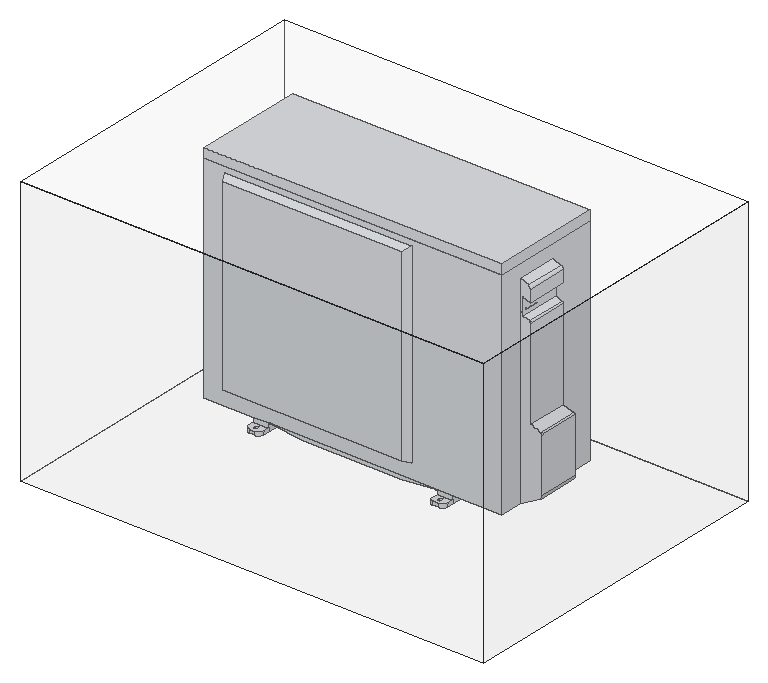
Revit family "puz-zrmp28_63ska13_50hz", category 機械設備, Revit 2019
Family settings
  丸型コネクタ寸法 = 直径を使用
  パーツ タイプ = 標準
  OmniClass 番号 = 23.75.10.24.21.27.27
  OmniClass タイトル = Split System Air Conditioning Units
  作業面ベース = いいえ
  常に垂直 = はい
  ロード時にボイドで切り取り = いいえ
  共有 = いいえ
  部屋計算ポイント = いいえ
Parameters (values of type "室外機_PUZ-ZRMP28KA13 (-BS,BSG)")
  音響パワーレベル（冷）(dB) = 64
  音響パワーレベル(dB) = 66
  電源種別 = ""
  電源位置Y = 61 mm
  電源位置Z = 497.7 mm
  電源位置X = 400 mm
  電圧 = 200 V
  電動機出力_送風機 = 0.04 kW
  電動機出力_圧縮機 = 0.5 kW
  集中コントローラ [instance] = ""
  運転質量 = 0.00 kg
  運転方法 = "冷暖切替"
  質量 = if(製品質量 > 運転質量, 製品質量, 運転質量) * 1.2  # 43.20 kg
  負荷分類 = 1_熱源類
  説明 = "空冷H/P PAC インバータ室外機"
  設計暖房能力 [instance] = 0 kW
  設計冷房能力_顕熱 [instance] = 0 kW
  設計冷房能力 [instance] = 0 kW
  設置方法 = "床置形"
  記号 [instance] = ""
  製造元 = "三菱電機株式会社"
  製品質量 = 36.00 kg
  製品出荷対象 = "国内"
  製品リリース年月 = ""
  製品グループ = ""
  系統 [instance] = ""
  符号 = "PAC"
  積算_科目 = "1 空気調和設備"
  積算_拾い区分 [instance] = ""
  相 = 3
  盤記号 [instance] = ""
  発停方法 = "付属スイッチ"
  特殊仕様 [instance] = ""
  消費電力_暖房 = 0 kW
  消費電力_冷房 = 0 kW
  消費電力 = if(消費電力_冷房 > 消費電力_暖房, 消費電力_冷房, 消費電力_暖房)  # 0 kW
  法定耐用年数 = "6"
  構成品番 = "PUZ-ZRMP28KA13 (-BS,-BSG)"
  極数 = 3
  材質 [instance] = ""
  本体マテリアル = none
  最小電線太さ_mm2 = 1.6
  最大電流値 = 0 A
  暖房能力 = 2.8 kW
  推奨ブレーカー容量 = 15 A
  据付ピッチ1 = 0 mm
  形式 = "パッケージ形 室外機"
  形名 = PUZ-ZRMP-1 : PUZ-ZRMP-1
  幹線記号 [instance] = ""
  始動方式 = "インバータ始動方式"
  呼称 = "パッケージ形空気調和機_室外機"
  周波数 = 50 Hz
  価格 = 0
  ドレン　位置Z = 8.5 mm
  ドレン　位置Y = 48.5 mm
  ドレン　位置X = 404.5 mm
  アンカーボルト位置Y = 330 mm
  アンカーボルト位置X = 500 mm
  参照している仕様書等のバージョン = "公共建築物標準仕様書（機械設備工事編）平成31年度版"
  分類コード = "50053003126100"
  分類グループ = ""
  冷房能力 = 2.5 kW
  冷媒管（ガス）位置X = 420 mm
  冷媒管（液）位置X = 420 mm
  冷媒管（液）位置Y = 153.75 mm
  冷媒管（ガス）位置Y = 153.75 mm
  冷媒管長 [instance] = 0 mm
  冷媒管径符号 = "Ac"
  冷媒管径 = 60.00 mm
  冷媒管位置Z = 158.95 mm
  冷媒管位置Y = (冷媒管（液）位置Y + 冷媒管（ガス）位置Y) / 2  # 153.75 mm
  冷媒管位置X = (冷媒管（液）位置X + 冷媒管（ガス）位置X) / 2  # 420 mm
  冷媒液管径 = 6.35 mm
  冷媒ガス管径 = 12.70 mm
  企業コード = "108420"
  付属品 [instance] = ""
  仕様書バージョン = "Version1.0"
  ユニット数 = 1
  ユニット3 = yes
  ユニット2 = yes
  Model = ""
  ドレン管径 = 42.00 mm
  サービススペース = yes
  コメント [instance] = ""
  ケーブル種類1 = ""
  【値が 0 の項目は組合せ形名にてご確認ください】 = ""
  Width = 809 mm
  Version = ""
  Uniclass2015Version = "Systems v1.9"
  Uniclass2015Title = "Split coil remote air cooled condensing units"
  Uniclass2015Code = "Pr_70_65_03_84"
  URL = "https://www.mitsubishielectric.co.jp/ldg/wink/ssl/top.do"
  SpecificationReference = ""
  SpecificationDescription = ""
  Revision = ""
  ProductInformation = ""
  OmniClassCode = "23-33 17 13 11"
  IfcTypeProduct = ""
  IfcProduct = ""
  IfcExportType = "AIRCONDITIONINGUNIT"
  IfcExportAs = "IfcUnitaryEquipmentType"
  Height = 630 mm
  Depth = 300 mm
  Clearance Top = 100 mm
  Clearance Right = 350 mm
  Clearance Left = 100 mm
  Clearance Front = 500 mm
  Clearance Bottom = 0 mm
  Clearance Back = 100 mm
  COP = 0
  Author = "三菱電機株式会社"
  APF = 0
Reference planes
  plane 1 "中心(正面/背面)": y = 74
  plane 2: z = 0
  plane 3 "中心(左/右)": x = 830
  plane 4 "右": x = 1234.5
  plane 5 "左": x = 425.5
  plane 6 "背面": y = 224
  plane 7 "正面": y = -76
  plane 8 "上部": z = 630
  plane 9 "Clearanse Top": z = 730
  plane 10 "SS_back": y = 324
  plane 11 "SS_front": y = -576
  plane 12 "SS_left": x = 325.5
  plane 13 "SS_right": x = 1584.5
  plane 14: z = 0
  plane 15: y = -15
  plane 16: x = 1230
  plane 17: z = 497.7
  plane 18: y = -13
  plane 19: y = 70.25
  plane 20: x = 1250
  plane 21: y = 175.5
  plane 22: x = 830
  plane 23: z = 10.5
  plane 24: z = 8.5
  plane 25: x = 580
  plane 26: x = 1080
  plane 27: y = 239
  plane 28: y = -91
Forms (mm)
  Extrusion 1, solid, detail levels fine
    sketch origin (0, -76, 0) x (1, 0, 0) y (0, 0, 1)
      loop
        circle (1230, 497.7) r 13.5
    from -63 to -61
  Extrusion 2, solid, detail levels fine
    sketch origin (-1437.329, -1524, 54) x (-1, 0, 0) y (0, -1, 0)
      loop
        circle (-2267.329, -1699.5) r 21
    from -45.5 to -43.5
  Sweep 3, solid, material <- "本体マテリアル", detail levels fine
    path origin (1250, 1296.25, 1200) x (0, 1, 0) y (0, 0, 1)
      loop
        line (-1226, -1041.05) -> (-1272.623, -1084.565)
    profile origin (1250, 46.939, 137.193) x (0, 0.682318, -0.731055) y (1, 0, 0)
      loop
        circle (0, 0) r 30
Lines and regions (mm)
  model lines, not visible
    curve 1: line (460, 178.667, 1289.179) -> (460, 297.73, 1289.179)
    curve 2: line (460, 178.667, 1056.056) -> (460, 178.667, 1289.179)
    curve 3: line (460, 297.73, 1056.056) -> (460, 178.667, 1056.056)
    curve 4: line (460, 297.73, 1289.179) -> (460, 297.73, 1056.056)
    curve 5: line (460, 47.598, 1289.179) -> (460, 166.661, 1289.179)
    curve 6: line (460, 47.598, 1056.056) -> (460, 47.598, 1289.179)
    curve 7: line (460, 166.661, 1056.056) -> (460, 47.598, 1056.056)
    curve 8: line (460, 166.661, 1289.179) -> (460, 166.661, 1056.056)
    curve 9: line (460, -83.471, 1289.179) -> (460, 35.592, 1289.179)
    curve 10: line (460, -83.471, 1056.056) -> (460, -83.471, 1289.179)
    curve 11: line (460, 35.592, 1056.056) -> (460, -83.471, 1056.056)
    curve 12: line (460, 35.592, 1289.179) -> (460, 35.592, 1056.056)
    curve 13: line (460, -150.779, 1289.179) -> (460, -95.75, 1289.179)
    curve 14: line (460, -150.779, 1056.056) -> (460, -150.779, 1289.179)
    curve 15: line (460, -95.75, 1056.056) -> (460, -150.779, 1056.056)
    curve 16: line (460, -95.75, 1289.179) -> (460, -95.75, 1056.056)
    curve 17: line (460, -150.779, 1283.175) -> (460, -132.596, 1283.175)
    curve 18: line (460, -150.779, 1062.059) -> (460, -150.779, 1283.175)
    curve 19: line (460, -132.596, 1062.059) -> (460, -150.779, 1062.059)
    curve 20: line (460, -132.596, 1283.175) -> (460, -132.596, 1062.059)
    curve 21: line (460, 178.667, 1046.051) -> (460, 297.73, 1046.051)
    curve 22: line (460, 178.667, 812.928) -> (460, 178.667, 1046.051)
    curve 23: line (460, 297.73, 812.928) -> (460, 178.667, 812.928)
    curve 24: line (460, 297.73, 1046.051) -> (460, 297.73, 812.928)
    curve 25: line (460, 47.598, 1046.051) -> (460, 166.661, 1046.051)
    curve 26: line (460, 47.598, 812.928) -> (460, 47.598, 1046.051)
    curve 27: line (460, 166.661, 812.928) -> (460, 47.598, 812.928)
    curve 28: line (460, 166.661, 1046.051) -> (460, 166.661, 812.928)
    curve 29: line (460, -83.471, 1046.051) -> (460, 35.592, 1046.051)
    curve 30: line (460, -83.471, 812.928) -> (460, -83.471, 1046.051)
    curve 31: line (460, 35.592, 812.928) -> (460, -83.471, 812.928)
    curve 32: line (460, 35.592, 1046.051) -> (460, 35.592, 812.928)
    curve 33: line (460, -150.779, 1046.051) -> (460, -95.75, 1046.051)
    curve 34: line (460, -150.779, 812.928) -> (460, -150.779, 1046.051)
    curve 35: line (460, -95.75, 812.928) -> (460, -150.779, 812.928)
    curve 36: line (460, -95.75, 1046.051) -> (460, -95.75, 812.928)
    curve 37: line (460, -150.779, 1040.048) -> (460, -132.596, 1040.048)
    curve 38: line (460, -150.779, 818.931) -> (460, -150.779, 1040.048)
    curve 39: line (460, -132.596, 818.931) -> (460, -150.779, 818.931)
    curve 40: line (460, -132.596, 1040.048) -> (460, -132.596, 818.931)
    curve 41: line (460, 178.667, 802.923) -> (460, 297.73, 802.923)
    curve 42: line (460, 178.667, 569.8) -> (460, 178.667, 802.923)
    curve 43: line (460, 297.73, 569.8) -> (460, 178.667, 569.8)
    curve 44: line (460, 297.73, 802.923) -> (460, 297.73, 569.8)
    curve 45: line (460, 47.598, 802.923) -> (460, 166.661, 802.923)
    curve 46: line (460, 47.598, 569.8) -> (460, 47.598, 802.923)
    curve 47: line (460, 166.661, 569.8) -> (460, 47.598, 569.8)
    curve 48: line (460, 166.661, 802.923) -> (460, 166.661, 569.8)
    curve 49: line (460, -83.471, 802.923) -> (460, 35.592, 802.923)
    curve 50: line (460, -83.471, 569.8) -> (460, -83.471, 802.923)
    curve 51: line (460, 35.592, 569.8) -> (460, -83.471, 569.8)
    curve 52: line (460, 35.592, 802.923) -> (460, 35.592, 569.8)
    curve 53: line (460, -150.779, 802.923) -> (460, -95.75, 802.923)
    curve 54: line (460, -150.779, 569.8) -> (460, -150.779, 802.923)
    curve 55: line (460, -95.75, 569.8) -> (460, -150.779, 569.8)
    curve 56: line (460, -95.75, 802.923) -> (460, -95.75, 569.8)
    curve 57: line (460, -150.779, 796.92) -> (460, -132.596, 796.92)
    curve 58: line (460, -150.779, 575.803) -> (460, -150.779, 796.92)
    curve 59: line (460, -132.596, 575.803) -> (460, -150.779, 575.803)
    curve 60: line (460, -132.596, 796.92) -> (460, -132.596, 575.803)
    curve 61: line (460, 178.667, 559.795) -> (460, 297.73, 559.795)
    curve 62: line (460, 178.667, 326.672) -> (460, 178.667, 559.795)
    curve 63: line (460, 297.73, 326.672) -> (460, 178.667, 326.672)
    curve 64: line (460, 297.73, 559.795) -> (460, 297.73, 326.672)
    curve 65: line (460, 47.598, 559.795) -> (460, 166.661, 559.795)
    curve 66: line (460, 47.598, 326.672) -> (460, 47.598, 559.795)
    curve 67: line (460, 166.661, 326.672) -> (460, 47.598, 326.672)
    curve 68: line (460, 166.661, 559.795) -> (460, 166.661, 326.672)
    curve 69: line (460, -83.471, 559.795) -> (460, 35.592, 559.795)
    curve 70: line (460, -83.471, 326.672) -> (460, -83.471, 559.795)
    curve 71: line (460, 35.592, 326.672) -> (460, -83.471, 326.672)
    curve 72: line (460, 35.592, 559.795) -> (460, 35.592, 326.672)
    curve 73: line (460, -150.779, 559.795) -> (460, -95.75, 559.795)
    curve 74: line (460, -150.779, 326.672) -> (460, -150.779, 559.795)
    curve 75: line (460, -95.75, 326.672) -> (460, -150.779, 326.672)
    curve 76: line (460, -95.75, 559.795) -> (460, -95.75, 326.672)
    curve 77: line (460, -150.779, 553.792) -> (460, -132.596, 553.792)
    curve 78: line (460, -150.779, 332.675) -> (460, -150.779, 553.792)
    curve 79: line (460, -132.596, 332.675) -> (460, -150.779, 332.675)
    curve 80: line (460, -132.596, 553.792) -> (460, -132.596, 332.675)
    curve 81: line (460, 178.667, 316.667) -> (460, 297.73, 316.667)
    curve 82: line (460, 178.667, 83.544) -> (460, 178.667, 316.667)
    curve 83: line (460, 297.73, 83.544) -> (460, 178.667, 83.544)
    curve 84: line (460, 297.73, 316.667) -> (460, 297.73, 83.544)
    curve 85: line (460, 47.598, 316.667) -> (460, 166.661, 316.667)
    curve 86: line (460, 47.598, 83.544) -> (460, 47.598, 316.667)
    curve 87: line (460, 166.661, 83.544) -> (460, 47.598, 83.544)
    curve 88: line (460, 166.661, 316.667) -> (460, 166.661, 83.544)
    curve 89: line (460, -83.471, 316.667) -> (460, 35.592, 316.667)
    curve 90: line (460, -83.471, 83.544) -> (460, -83.471, 316.667)
    curve 91: line (460, 35.592, 83.544) -> (460, -83.471, 83.544)
    curve 92: line (460, 35.592, 316.667) -> (460, 35.592, 83.544)
    curve 93: line (460, -150.779, 316.667) -> (460, -95.75, 316.667)
    curve 94: line (460, -150.779, 83.544) -> (460, -150.779, 316.667)
    curve 95: line (460, -95.75, 83.544) -> (460, -150.779, 83.544)
    curve 96: line (460, -95.75, 316.667) -> (460, -95.75, 83.544)
    curve 97: line (460, -150.779, 310.664) -> (460, -132.596, 310.664)
    curve 98: line (460, -150.779, 89.547) -> (460, -150.779, 310.664)
    curve 99: line (460, -132.596, 89.547) -> (460, -150.779, 89.547)
    curve 100: line (460, -132.596, 310.664) -> (460, -132.596, 89.547)
Dimensions and locks
  equal spacing: plane 7 "正面", plane 1 "中心(正面/背面)", plane 6 "背面"
  "Depth": plane 7 "正面" to plane 6 "背面"
  "Width": plane 5 "左" to plane 4 "右"
  equal spacing: plane 5 "左", plane 3 "中心(左/右)", plane 4 "右"
  "Clearance Left": plane 12 "SS_left" to plane 5 "左"
  "Clearance Right": plane 4 "右" to plane 13 "SS_right"
  "Clearance Back": plane 6 "背面" to plane 10 "SS_back"
  "Clearance Front": plane 11 "SS_front" to plane 7 "正面"
  "Height": plane 8 "上部" to level
  "Clearance Top": plane 9 "Clearanse Top" to plane 8 "上部"
  "Clearance Bottom": level to plane 14
  "電源位置X": plane 3 "中心(左/右)" to plane 16
  "電源位置Y": plane 7 "正面" to plane 15
  "電源位置Z": plane 17 to level
  locked: plane 15 to plane 18 at 2
  "冷媒管位置X": plane 3 "中心(左/右)" to plane 20
  "冷媒管位置Y": plane 19 to plane 6 "背面"
  "ドレン　位置X": plane 5 "左" to plane 22
  "ドレン　位置Y": plane 21 to plane 6 "背面"
  locked: plane 23 to plane 24 at 2
  "ドレン　位置Z": plane 24 to level
  equal spacing: plane 28, plane 1 "中心(正面/背面)", plane 27
  "アンカーボルト位置Y": plane 28 to plane 27
  equal spacing: plane 25, plane 3 "中心(左/右)", plane 26
  "アンカーボルト位置X": plane 25 to plane 26
  radius of Extrusion 1 sketch curve = 13.5 mm
  "ドレン管径": diameter of Extrusion 2 sketch curve
  "冷媒管径": diameter of Sweep 3 sketch curve
  aligned and locked: level to plane 2
  aligned and locked: plane 10 "SS_back" to nested 1  (x2)
  aligned and locked: plane 13 "SS_right" to nested 1
  aligned and locked: plane 12 "SS_left" to nested 1  (x2)
  aligned and locked: nested 1 to plane 13 "SS_right"
  aligned and locked: plane 11 "SS_front" to nested 1
  aligned and locked: plane 9 "Clearanse Top" to nested 1
  aligned and locked: plane 1 "中心(正面/背面)" to nested 2
  aligned and locked: plane 3 "中心(左/右)" to nested 2
  aligned and locked: plane 14 to nested 1
  aligned and locked: plane 17 to Extrusion 1 sketch curve
  aligned and locked: plane 16 to Extrusion 1 sketch curve
  aligned and locked: Extrusion 1 to plane 18
  aligned and locked: plane 15 to Extrusion 1
  aligned and locked: plane 22 to Extrusion 2 sketch curve
  aligned and locked: plane 21 to Extrusion 2 sketch curve
  aligned and locked: plane 23 to Extrusion 2
  aligned and locked: Extrusion 2 to plane 24
  aligned and locked: plane 25 to nested 3
  aligned and locked: plane 27 to nested 3
Automatic sketch dimensions
  Sweep 3 sketch curve to plane 18 = 36.627 mm
  plane 1 "中心(正面/背面)" to Sweep 3 sketch curve = 3.75 mm
  plane 23 to Sweep 3 sketch curve = 104.935 mm
  Sweep 3 sketch curve to Sweep 3 sketch curve = 43.515 mm
  Sweep 3 sketch curve to plane 20 = 0 mm
  Sweep 3 sketch curve to profile plane = 0 mm
Nested families
  nested 1: "サービススペース" at (955, -126, 365), visible <- "サービススペース", type "サービススペース"
    with Width 1259 mm, Height 730 mm, Depth 900 mm
  nested 2: "PUZ-ZRMP-1" at (830, 74, 0), type <- "形名", type "PUZ-ZRMP-1"
  nested 3: "固定点" at (580, -91, 0), type "固定点"
    with 中心円 10 mm, W 500 mm, D 330 mm
Connectors
  electrical at (1230, -15, 497.7), driven by "極数", driven by "負荷分類", driven by "電圧", driven by "消費電力"
    settings: on Extrusion 1, index 2, voltage 200 V, apparent load 0 VA, apparent load phase1 0 VA, apparent load phase2 0 VA, apparent load phase3 0 VA, power factor 1, load classification "1_熱源類", number of poles 3, system type 30, power factor state 1, is connector primary yes, connector utility no, sub classification motor no, connector description ""
  piping at (1250, 70.25, 158.95), diameter 60, driven by "冷媒管径", driven by "冷媒管径符号"
    settings: on Sweep 3, index 3, connector inside diameter 609.60 mm, connector length 0 mm, flow factor 0, pipe flow 0.0 L/s, pressure drop 0.0 Pa, fitting loss kfactor 0, connector angle 0.00°, fixture units 0, engagement length 0 mm, angle of deflection 0.00°, flow configuration 1, flow direction 2, fitting loss method 4, system type 7, joint type 0, gender type 0, connector reference index -1, connector utility 0, adjustable connector no, is connector primary yes, connector description "Ac"
Definition of nested family "サービススペース"
  Parameters (values of type "サービススペース")
    Width [instance] = 500 mm
    Height [instance] = 500 mm
    Depth [instance] = 500 mm
  Reference planes
    plane 1 "中心(正面/背面)": y = 0
    plane 2: z = 0
    plane 3 "中心(左/右)": x = 0
    plane 4: y = -250
    plane 5: x = 250
    plane 6: y = 250
    plane 7: x = -250
    plane 8: z = 250
    plane 9: z = -250
  Forms (mm)
    Extrusion 1, solid
      sketch origin (-638.939, 0, 72.39) x (1, 0, 0) y (0, 1, 0)
        loop
          line (388.939, 250) -> (388.939, -250) -> (888.939, -250) -> (888.939, 250) -> (388.939, 250)
      from -322.39 to 177.61
  Lines and regions (mm)
    symbolic lines
      curve 1: line (-250, 0, 250) -> (250, 0, 250)
      curve 2: line (-250, 0, -250) -> (-250, 0, 250)
      curve 3: line (250, 0, -250) -> (-250, 0, -250)
      curve 4: line (250, 0, 250) -> (250, 0, -250)
      curve 5: line (0, -250, 250) -> (0, 250, 250)
      curve 6: line (0, -250, -250) -> (0, -250, 250)
      curve 7: line (0, 250, -250) -> (0, -250, -250)
      curve 8: line (0, 250, 250) -> (0, 250, -250)
      curve 9: line (-250, 250, 0) -> (250, 250, 0)
      curve 10: line (-250, -250, 0) -> (-250, 250, 0)
      curve 11: line (250, -250, 0) -> (-250, -250, 0)
      curve 12: line (250, 250, 0) -> (250, -250, 0)
  Dimensions and locks
    equal spacing: plane 7, plane 3 "中心(左/右)", plane 5
    equal spacing: plane 4, plane 1 "中心(正面/背面)", plane 6
    "Depth": plane 4 to plane 6
    "Width": plane 7 to plane 5
    equal spacing: plane 8, plane 2, plane 9
    "Height": plane 8 to plane 9
    aligned and locked: plane 9 to curve 3
    aligned and locked: plane 7 to curve 2
    aligned and locked: curve 4 to plane 5
    aligned and locked: plane 5 to Extrusion 1
    aligned and locked: Extrusion 1 to plane 7
    aligned and locked: Extrusion 1 to plane 9
    aligned and locked: plane 8 to Extrusion 1
    aligned and locked: plane 9 to curve 7
  Automatic sketch dimensions
    plane 4 to Extrusion 1 sketch curve = 0 mm
    Extrusion 1 sketch curve to plane 7 = 0 mm
    Extrusion 1 sketch curve to plane 5 = 0 mm
    plane 6 to Extrusion 1 sketch curve = 0 mm
    curve 2 to plane 8 = 0 mm
    plane 4 to curve 11 = 0 mm
    curve 11 to plane 7 = 0 mm
    curve 11 to plane 5 = 0 mm
    plane 6 to curve 10 = 0 mm
    curve 7 to plane 4 = 0 mm
    curve 7 to plane 6 = 0 mm
    curve 6 to plane 8 = 0 mm
Definition of nested family "PUZ-ZRMP-1"
  Parameters (values of type "PUZ-ZRMP-1")
    配線取出口サイズ = 27 mm
    配線取出口-Z = 497.7 mm
    配線取出口-Y = 239 mm
    配線取出口-X = 400 mm
    液配管サイズ = 50 mm
    高さ = 630 mm
    換気-W = 310 mm
    換気-H2 = 632 mm
    換気-H1 = 325 mm
    換気-D = 20 mm
    奥行き = 300 mm
    吊りボルト_H = 0 mm
    吊りボルト-φ = 10 mm
    冷媒配管サイズ = 6.35 mm
    冷媒液管径-Z = 164.5 mm
    冷媒液管径-Y = 185.5 mm
    冷媒液管径-X = 420 mm
    冷媒ガス管径-Z = 99.5 mm
    冷媒ガス管径-Y = 185.5 mm
    冷媒ガス管径-X = 420 mm
    吊りボルト-W = 500 mm
    マテリアル = none
    ドレン配管サイズ = 42 mm
    ドレン管径-Z = 0 mm
    ドレン管径-Y = 251.5 mm
    ドレン管径-X = 404.5 mm
    タイプ3 = no
    タイプ2 = no
    タイプ1 = yes
    ガス配管サイズ = 12.7 mm
    吊りボルト-D = 330 mm
    幅さ = 809 mm
    a = 600 mm
  Reference planes
    plane 1 "中心(正面/背面)": y = 0
    plane 2: z = 0
    plane 3 "中心(左/右)": x = 0
    plane 4: z = 630
    plane 5: x = -404.5
    plane 6: x = 404.5
    plane 7: y = 150
    plane 8: y = -150
    plane 9: x = 466.5
    plane 10: y = -90
    plane 11: y = 20
    plane 12: z = 605
    plane 13: x = -424.5
    plane 14: x = -250
    plane 15: x = 250
    plane 16: y = 165
    plane 17: y = -165
    plane 18: x = 270
    plane 19: x = 230
    plane 20: x = -230
    plane 21: x = -270
    plane 22: y = 180
    plane 23: y = -180
    plane 24: z = 8.5
    plane 25: z = 20
    plane 26: z = 11.5
    plane 27: x = -135
    plane 28: x = 135
    plane 29: z = 625
    plane 30: y = -40
    plane 31: y = 40
    plane 32: y = -30
    plane 33: y = 30
    plane 34: z = 610
    plane 35: z = 55
    plane 36: z = 225
    plane 37: z = 570
    plane 38: x = 414.5
    plane 39: x = 435.5
    plane 40: y = -170
    plane 41: x = -94.5
    plane 42: z = 325
    plane 43: x = 159.5
    plane 44: x = -348.5
    plane 45: z = 589
    plane 46: z = 61
    plane 47: x = -338.5
    plane 48: x = 149.5
    plane 49: z = 579
    plane 50: z = 71
    plane 51: y = 100
    plane 52: y = -100
    plane 53: x = 0
    plane 54: y = 101.5
    plane 55: x = 420
    plane 56: x = 400
    plane 57: y = -89
    plane 58: y = -35.5
    plane 59: y = -35.5
    plane 60: x = 420
    plane 61: z = 99.5
    plane 62: z = 164.5
    plane 63: z = 497.7
    plane 64: y = -39
    plane 65: z = 137.3
    plane 66: z = 180.6
    plane 67: x = 420
    plane 68: y = -35.5
    plane 69 "グループ": x = -600
    plane 70: z = 1338
    plane 71: z = 943
    plane 72: z = 957
    plane 73: z = 1221
    plane 74: z = 693
    plane 75: z = 1211
    plane 76: z = 703
    plane 77: y = -12.5
    plane 78: y = 5
    plane 79: y = -3.75
  Forms (mm)
    Extrusion 1, solid, visible <- "タイプ1", detail levels fine
      sketch origin (-1437.329, -1524, 630) x (-1, 0, 0) y (0, -1, 0)
        loop
          line (-1167.329, -1674) -> (-1167.329, -1374) -> (-1207.329, -1374) -> (-1207.329, -1674) -> (-1167.329, -1674)
        loop
          line (-1667.329, -1674) -> (-1667.329, -1374) -> (-1707.329, -1374) -> (-1707.329, -1674) -> (-1667.329, -1674)
      from -630 to -610
    Extrusion 2, solid, material <- "マテリアル", visible <- "タイプ1", detail levels fine
      sketch origin (0, 0, 0) x (1, 0, 0) y (0, 0, 1)
        loop
          line (-230, 20) -> (-135, 11.5) -> (135, 11.5) -> (230, 20) -> (-230, 20)
      from -150 to 150
    Extrusion 3, solid, material <- "マテリアル", visible <- "タイプ1", detail levels fine
      sketch origin (-1437.329, -1524, 630) x (-1, 0, 0) y (0, -1, 0)
        loop
          circle (-1437.329, -1625.5) r 21
      from -621.5 to -618.5
    Extrusion 4, solid, material <- "マテリアル", visible <- "タイプ1", detail levels fine
      sketch origin (-1437.329, -1524, 630) x (-1, 0, 0) y (0, -1, 0)
        loop
          line (-1841.829, -1674) -> (-1032.829, -1674) -> (-1032.829, -1374) -> (-1841.829, -1374) -> (-1841.829, -1674)
      from -610 to -25
    Extrusion 5, solid, material <- "マテリアル", visible <- "タイプ1", detail levels fine
      sketch origin (-1437.329, -1524, 630) x (-1, 0, 0) y (0, -1, 0)
        loop
          line (-1032.829, -1674) -> (-1032.829, -1374) -> (-1841.829, -1374) -> (-1841.829, -1674) -> (-1032.829, -1674)
      from -25 to 0
    Blend 6, solid, material <- "マテリアル", visible <- "タイプ1", detail levels fine
      base sketch origin (0, 0, 0) x (0, 1, 0) y (0, 0, 1)
        loop
          line (40, 625) -> (-40, 625) -> (-40, 605) -> (40, 605) -> (40, 625)
      top sketch origin (0, 0, 0) x (0, 1, 0) y (0, 0, 1)
        loop
          line (30, 610) -> (-30, 610) -> (-30, 605) -> (30, 605) -> (30, 610)
      from -404.5 to -424.5
    Extrusion 7, solid, material <- "マテリアル", visible <- "タイプ1", detail levels fine
      sketch origin (0, 0, 0) x (1, 0, 0) y (0, 0, 1)
        loop
          line (404.5, 570) -> (404.5, 20) -> (461.416, 52.13)
          arc (461.416, 52.13) -> (465.136, 55.796) -> (466.5, 60.838) r 10
          line (466.5, 60.838) -> (466.5, 210.216)
          arc (466.5, 210.216) -> (465.596, 213.084) -> (463.21, 214.914) r 5
          line (463.21, 214.914) -> (435.5, 225) -> (435.5, 470.082)
          arc (435.5, 470.082) -> (434.596, 472.95) -> (432.21, 474.78) r 5
          line (432.21, 474.78) -> (414.5, 481.226) -> (414.5, 529.114) -> (435.5, 521.471) -> (435.5, 551.715)
          arc (435.5, 551.715) -> (433.692, 557.451) -> (428.92, 561.112) r 10
          line (428.92, 561.112) -> (404.5, 570)
      from -20 to 90
    Blend 8, solid, material <- "マテリアル", visible <- "タイプ1", detail levels fine
      base sketch origin (0, 0, 0) x (1, 0, 0) y (0, 0, 1)
        loop
          line (-348.5, 589) -> (-348.5, 61) -> (159.5, 61) -> (159.5, 589) -> (-348.5, 589)
      top sketch origin (0, 0, 0) x (1, 0, 0) y (0, 0, 1)
        loop
          line (-338.5, 579) -> (-338.5, 71) -> (149.5, 71) -> (149.5, 579) -> (-338.5, 579)
      from 150 to 170
    Extrusion 9, solid, material <- "マテリアル", visible <- "タイプ1", detail levels fine
      sketch origin (1480.036, -170, 1200) x (1, 0, 0) y (0, 0, 1)
        loop
          circle (-1080.036, -702.3) r 13.5
      from -131 to -81
    Extrusion 10, solid, visible <- "タイプ1", detail levels fine
      sketch origin (-1437.329, -1524, 630) x (-1, 0, 0) y (0, -1, 0)
        loop
          line (-1167.329, -1704) -> (-1167.329, -1674) -> (-1207.329, -1674) -> (-1207.329, -1704) -> (-1192.329, -1704) -> (-1192.329, -1689)
          arc (-1192.329, -1689) -> (-1187.329, -1684) -> (-1182.329, -1689) r 5
          line (-1182.329, -1689) -> (-1182.329, -1704) -> (-1167.329, -1704)
        loop
          line (-1667.329, -1704) -> (-1667.329, -1674) -> (-1707.329, -1674) -> (-1707.329, -1704) -> (-1692.329, -1704) -> (-1692.329, -1689)
          arc (-1692.329, -1689) -> (-1687.329, -1684) -> (-1682.329, -1689) r 5
          line (-1682.329, -1689) -> (-1682.329, -1704) -> (-1667.329, -1704)
        loop
          line (-1667.329, -1374) -> (-1667.329, -1354)
          arc (-1667.329, -1354) -> (-1670.258, -1346.929) -> (-1677.329, -1344) r 10
          line (-1677.329, -1344) -> (-1694.129, -1344)
          arc (-1694.129, -1344) -> (-1703.463, -1347.866) -> (-1707.329, -1357.2) r 13.2
          line (-1707.329, -1357.2) -> (-1707.329, -1374) -> (-1667.329, -1374)
        loop
          line (-1167.329, -1374) -> (-1167.329, -1357.2)
          arc (-1167.329, -1357.2) -> (-1171.196, -1347.866) -> (-1180.529, -1344) r 13.2
          line (-1180.529, -1344) -> (-1194.129, -1344)
          arc (-1194.129, -1344) -> (-1203.463, -1347.866) -> (-1207.329, -1357.2) r 13.2
          line (-1207.329, -1357.2) -> (-1207.329, -1374) -> (-1167.329, -1374)
        loop
          arc (-1192.329, -1359) -> (-1187.329, -1364) -> (-1182.329, -1359) r 5
          line (-1182.329, -1359) -> (-1182.329, -1357.2)
          arc (-1182.329, -1357.2) -> (-1187.329, -1352.2) -> (-1192.329, -1357.2) r 5
          line (-1192.329, -1357.2) -> (-1192.329, -1359)
        loop
          arc (-1692.329, -1359) -> (-1687.329, -1364) -> (-1682.329, -1359) r 5
          line (-1682.329, -1359) -> (-1682.329, -1357.2)
          arc (-1682.329, -1357.2) -> (-1687.329, -1352.2) -> (-1692.329, -1357.2) r 5
          line (-1692.329, -1357.2) -> (-1692.329, -1359)
      from -621.5 to -630
    Sweep 11, solid, material <- "マテリアル", visible <- "タイプ1", detail levels fine
      path origin (420, 1296.25, 1200) x (0, 1, 0) y (0, 0, 1)
        loop
          line (-1331.75, -1035.5) -> (-1308.75, -1019.4)
      profile origin (420, -24, 172.55) x (0, -0.573462, 0.819232) y (1, 0, 0)
        loop
          circle (0, 0) r 3.175
    Sweep 12, solid, material <- "マテリアル", visible <- "タイプ1", detail levels fine
      path origin (420, 1296.25, 1200) x (0, 1, 0) y (0, 0, 1)
        loop
          line (-1331.75, -1100.5) -> (-1291.25, -1062.7)
      profile origin (420, -15.25, 118.4) x (0, -0.682318, 0.731055) y (1, 0, 0)
        loop
          circle (0, 0) r 6.35
  Lines and regions (mm)
    Masking region 1, visible <- "タイプ1", detail levels coarse+medium
      outline origin (-1437.329, -1524, 630) x (-1, 0, 0) y (0, -1, 0)
        loop
          line (-1841.829, -1674) -> (-1707.329, -1674) -> (-1707.329, -1704) -> (-1667.329, -1704) -> (-1667.329, -1674) -> (-1207.329, -1674) -> (-1207.329, -1704) -> (-1167.329, -1704) -> (-1167.329, -1674) -> (-1032.829, -1674) -> (-1032.829, -1564) -> (-1012.829, -1554) -> (-1012.829, -1494) -> (-1032.829, -1484) -> (-1032.829, -1374) -> (-1088.829, -1374) -> (-1098.829, -1354) -> (-1164.523, -1354)
          arc (-1164.523, -1354) -> (-1169.205, -1346.796) -> (-1177.329, -1344) r 13.2
          line (-1177.329, -1344) -> (-1193.997, -1344)
          arc (-1193.997, -1344) -> (-1202.121, -1346.796) -> (-1206.804, -1354) r 13.2
          line (-1206.804, -1354) -> (-1586.829, -1354) -> (-1596.829, -1374) -> (-1667.329, -1374) -> (-1667.329, -1354)
          arc (-1667.329, -1354) -> (-1670.258, -1346.929) -> (-1677.329, -1344) r 10
          line (-1677.329, -1344) -> (-1694.129, -1344)
          arc (-1694.129, -1344) -> (-1703.463, -1347.866) -> (-1707.329, -1357.2) r 13.2
          line (-1707.329, -1357.2) -> (-1707.329, -1374) -> (-1841.829, -1374) -> (-1841.829, -1434) -> (-1903.829, -1434) -> (-1903.829, -1544) -> (-1841.829, -1544) -> (-1841.829, -1674)
    model lines, visible <- "タイプ1", detail levels fine
      curve 1: line (324.5, 100, 630) -> (-324.5, 100, 630)
      curve 2: line (-324.5, -100, 630) -> (324.5, -100, 630)
      curve 3: line (-324.5, -40, 630) -> (324.5, -40, 630)
      curve 4: line (324.5, 40, 630) -> (-324.5, 40, 630)
      curve 5: line (-324.5, -30, 630) -> (324.5, -30, 630)
      curve 6: line (324.5, 30, 630) -> (-324.5, 30, 630)
      curve 7: line (-324.5, 100, 630) -> (-324.5, 40, 630)
      curve 8: line (324.5, -100, 630) -> (324.5, -40, 630)
      curve 9: line (-324.5, 30, 630) -> (-324.5, -30, 630)
      curve 10: line (-324.5, -40, 630) -> (-324.5, -100, 630)
      curve 11: line (324.5, -30, 630) -> (324.5, 30, 630)
      curve 12: line (324.5, 40, 630) -> (324.5, 100, 630)
      curve 13: line (354.5, -100, 630) -> (354.5, 100, 630)
      curve 14: line (339.5, -100, 630) -> (339.5, 100, 630)
      curve 15: line (-354.5, 100, 630) -> (-354.5, -100, 630)
      curve 16: line (-339.5, 100, 630) -> (-339.5, -100, 630)
      curve 17: line (-339.5, 100, 630) -> (-354.5, 100, 630)
      curve 18: line (-339.5, -100, 630) -> (-354.5, -100, 630)
      curve 19: line (339.5, 100, 630) -> (354.5, 100, 630)
      curve 20: line (339.5, -100, 630) -> (354.5, -100, 630)
      curve 21: line (-338.5, -170, 372.5) -> (149.5, -170, 372.5)
      curve 22: line (149.5, -170, 277.5) -> (-338.5, -170, 277.5)
      curve 23: line (-338.5, -170, 467.5) -> (149.5, -170, 467.5)
      curve 24: line (-338.5, -170, 562.5) -> (149.5, -170, 562.5)
      curve 25: line (149.5, -170, 182.5) -> (-338.5, -170, 182.5)
      curve 26: line (149.5, -170, 87.5) -> (-338.5, -170, 87.5)
      curve 27: line (-321.071, -170, 579) -> (-321.071, -170, 71)
      curve 28: line (132.071, -170, 71) -> (132.071, -170, 579)
      curve 29: line (-303.643, -170, 579) -> (-303.643, -170, 71)
      curve 30: line (-286.214, -170, 579) -> (-286.214, -170, 71)
      curve 31: line (-268.786, -170, 579) -> (-268.786, -170, 71)
      curve 32: line (-251.357, -170, 579) -> (-251.357, -170, 71)
      curve 33: line (-233.929, -170, 579) -> (-233.929, -170, 71)
      curve 34: line (-216.5, -170, 579) -> (-216.5, -170, 71)
      curve 35: line (-199.071, -170, 579) -> (-199.071, -170, 71)
      curve 36: line (-181.643, -170, 579) -> (-181.643, -170, 71)
      curve 37: line (-164.214, -170, 579) -> (-164.214, -170, 71)
      curve 38: line (-146.786, -170, 579) -> (-146.786, -170, 71)
      curve 39: line (-129.357, -170, 579) -> (-129.357, -170, 71)
      curve 40: line (-111.929, -170, 579) -> (-111.929, -170, 71)
      curve 41: line (-94.5, -170, 579) -> (-94.5, -170, 71)
      curve 42: line (-77.071, -170, 579) -> (-77.071, -170, 71)
      curve 43: line (-59.643, -170, 579) -> (-59.643, -170, 71)
      curve 44: line (-42.214, -170, 579) -> (-42.214, -170, 71)
      curve 45: line (-24.786, -170, 579) -> (-24.786, -170, 71)
      curve 46: line (-7.357, -170, 579) -> (-7.357, -170, 71)
      curve 47: line (10.071, -170, 579) -> (10.071, -170, 71)
      curve 48: line (27.5, -170, 579) -> (27.5, -170, 71)
      curve 49: line (44.929, -170, 579) -> (44.929, -170, 71)
      curve 50: line (62.357, -170, 579) -> (62.357, -170, 71)
      curve 51: line (79.786, -170, 579) -> (79.786, -170, 71)
      curve 52: line (97.214, -170, 579) -> (97.214, -170, 71)
      curve 53: line (114.643, -170, 579) -> (114.643, -170, 71)
      curve 54: line (-404.5, -10, 574) -> (-404.5, -10, 584)
      curve 55: line (-404.5, -100, 584) -> (-404.5, -100, 574)
      curve 56: line (-404.5, 100, 584) -> (-404.5, 100, 574)
      curve 57: line (-404.5, 10, 584) -> (-404.5, 10, 574)
      curve 58: line (-404.5, 95, 589) -> (-404.5, 15, 589)
      curve 59: line (-404.5, -15, 589) -> (-404.5, -95, 589)
      curve 60: line (-404.5, -15, 569) -> (-404.5, -95, 569)
      curve 61: line (-404.5, 95, 569) -> (-404.5, 15, 569)
      curve 62: arc (-404.5, 100, 584) -> (-404.5, 98.536, 587.536) -> (-404.5, 95, 589) r 5
      curve 63: arc (-404.5, 95, 569) -> (-404.5, 98.536, 570.464) -> (-404.5, 100, 574) r 5
      curve 64: arc (-404.5, 10, 584) -> (-404.5, 11.464, 587.536) -> (-404.5, 15, 589) r 5
      curve 65: arc (-404.5, 10, 574) -> (-404.5, 11.464, 570.464) -> (-404.5, 15, 569) r 5
      curve 66: arc (-404.5, -10, 584) -> (-404.5, -11.464, 587.536) -> (-404.5, -15, 589) r 5
      curve 67: arc (-404.5, -15, 569) -> (-404.5, -11.464, 570.464) -> (-404.5, -10, 574) r 5
      curve 68: arc (-404.5, -95, 589) -> (-404.5, -98.536, 587.536) -> (-404.5, -100, 584) r 5
      curve 69: arc (-404.5, -100, 574) -> (-404.5, -98.536, 570.464) -> (-404.5, -95, 569) r 5
      curve 70: line (-404.5, -10, 544) -> (-404.5, -10, 554)
      curve 71: line (-404.5, -100, 554) -> (-404.5, -100, 544)
      curve 72: line (-404.5, 100, 554) -> (-404.5, 100, 544)
      curve 73: line (-404.5, 10, 554) -> (-404.5, 10, 544)
      curve 74: line (-404.5, 95, 559) -> (-404.5, 15, 559)
      curve 75: line (-404.5, -15, 559) -> (-404.5, -95, 559)
      curve 76: line (-404.5, -15, 539) -> (-404.5, -95, 539)
      curve 77: line (-404.5, 95, 539) -> (-404.5, 15, 539)
      curve 78: arc (-404.5, 100, 554) -> (-404.5, 98.536, 557.536) -> (-404.5, 95, 559) r 5
      curve 79: arc (-404.5, 95, 539) -> (-404.5, 98.536, 540.464) -> (-404.5, 100, 544) r 5
      curve 80: arc (-404.5, 10, 554) -> (-404.5, 11.464, 557.536) -> (-404.5, 15, 559) r 5
      curve 81: arc (-404.5, 10, 544) -> (-404.5, 11.464, 540.464) -> (-404.5, 15, 539) r 5
      curve 82: arc (-404.5, -10, 554) -> (-404.5, -11.464, 557.536) -> (-404.5, -15, 559) r 5
      curve 83: arc (-404.5, -15, 539) -> (-404.5, -11.464, 540.464) -> (-404.5, -10, 544) r 5
      curve 84: arc (-404.5, -95, 559) -> (-404.5, -98.536, 557.536) -> (-404.5, -100, 554) r 5
      curve 85: arc (-404.5, -100, 544) -> (-404.5, -98.536, 540.464) -> (-404.5, -95, 539) r 5
      curve 86: line (-404.5, -10, 514) -> (-404.5, -10, 524)
      curve 87: line (-404.5, -100, 524) -> (-404.5, -100, 514)
      curve 88: line (-404.5, 100, 524) -> (-404.5, 100, 514)
      curve 89: line (-404.5, 10, 524) -> (-404.5, 10, 514)
      curve 90: line (-404.5, 95, 529) -> (-404.5, 15, 529)
      curve 91: line (-404.5, -15, 529) -> (-404.5, -95, 529)
      curve 92: line (-404.5, -15, 509) -> (-404.5, -95, 509)
      curve 93: line (-404.5, 95, 509) -> (-404.5, 15, 509)
      curve 94: arc (-404.5, 100, 524) -> (-404.5, 98.536, 527.536) -> (-404.5, 95, 529) r 5
      curve 95: arc (-404.5, 95, 509) -> (-404.5, 98.536, 510.464) -> (-404.5, 100, 514) r 5
      curve 96: arc (-404.5, 10, 524) -> (-404.5, 11.464, 527.536) -> (-404.5, 15, 529) r 5
      curve 97: arc (-404.5, 10, 514) -> (-404.5, 11.464, 510.464) -> (-404.5, 15, 509) r 5
      curve 98: arc (-404.5, -10, 524) -> (-404.5, -11.464, 527.536) -> (-404.5, -15, 529) r 5
      curve 99: arc (-404.5, -15, 509) -> (-404.5, -11.464, 510.464) -> (-404.5, -10, 514) r 5
      curve 100: arc (-404.5, -95, 529) -> (-404.5, -98.536, 527.536) -> (-404.5, -100, 524) r 5
      curve 101: arc (-404.5, -100, 514) -> (-404.5, -98.536, 510.464) -> (-404.5, -95, 509) r 5
      curve 102: line (-404.5, -10, 484) -> (-404.5, -10, 494)
      curve 103: line (-404.5, -100, 494) -> (-404.5, -100, 484)
      curve 104: line (-404.5, 100, 494) -> (-404.5, 100, 484)
      curve 105: line (-404.5, 10, 494) -> (-404.5, 10, 484)
      curve 106: line (-404.5, 95, 499) -> (-404.5, 15, 499)
      curve 107: line (-404.5, -15, 499) -> (-404.5, -95, 499)
      curve 108: line (-404.5, -15, 479) -> (-404.5, -95, 479)
      curve 109: line (-404.5, 95, 479) -> (-404.5, 15, 479)
      curve 110: arc (-404.5, 100, 494) -> (-404.5, 98.536, 497.536) -> (-404.5, 95, 499) r 5
      curve 111: arc (-404.5, 95, 479) -> (-404.5, 98.536, 480.464) -> (-404.5, 100, 484) r 5
      curve 112: arc (-404.5, 10, 494) -> (-404.5, 11.464, 497.536) -> (-404.5, 15, 499) r 5
      curve 113: arc (-404.5, 10, 484) -> (-404.5, 11.464, 480.464) -> (-404.5, 15, 479) r 5
      curve 114: arc (-404.5, -10, 494) -> (-404.5, -11.464, 497.536) -> (-404.5, -15, 499) r 5
      curve 115: arc (-404.5, -15, 479) -> (-404.5, -11.464, 480.464) -> (-404.5, -10, 484) r 5
      curve 116: arc (-404.5, -95, 499) -> (-404.5, -98.536, 497.536) -> (-404.5, -100, 494) r 5
      curve 117: arc (-404.5, -100, 484) -> (-404.5, -98.536, 480.464) -> (-404.5, -95, 479) r 5
      curve 118: line (-404.5, -10, 454) -> (-404.5, -10, 464)
      curve 119: line (-404.5, -100, 464) -> (-404.5, -100, 454)
      curve 120: line (-404.5, 100, 464) -> (-404.5, 100, 454)
      curve 121: line (-404.5, 10, 464) -> (-404.5, 10, 454)
      curve 122: line (-404.5, 95, 469) -> (-404.5, 15, 469)
      curve 123: line (-404.5, -15, 469) -> (-404.5, -95, 469)
      curve 124: line (-404.5, -15, 449) -> (-404.5, -95, 449)
      curve 125: line (-404.5, 95, 449) -> (-404.5, 15, 449)
      curve 126: arc (-404.5, 100, 464) -> (-404.5, 98.536, 467.536) -> (-404.5, 95, 469) r 5
      curve 127: arc (-404.5, 95, 449) -> (-404.5, 98.536, 450.464) -> (-404.5, 100, 454) r 5
      curve 128: arc (-404.5, 10, 464) -> (-404.5, 11.464, 467.536) -> (-404.5, 15, 469) r 5
      curve 129: arc (-404.5, 10, 454) -> (-404.5, 11.464, 450.464) -> (-404.5, 15, 449) r 5
      curve 130: arc (-404.5, -10, 464) -> (-404.5, -11.464, 467.536) -> (-404.5, -15, 469) r 5
      curve 131: arc (-404.5, -15, 449) -> (-404.5, -11.464, 450.464) -> (-404.5, -10, 454) r 5
      curve 132: arc (-404.5, -95, 469) -> (-404.5, -98.536, 467.536) -> (-404.5, -100, 464) r 5
      curve 133: arc (-404.5, -100, 454) -> (-404.5, -98.536, 450.464) -> (-404.5, -95, 449) r 5
      curve 134: line (-404.5, -10, 424) -> (-404.5, -10, 434)
      curve 135: line (-404.5, -100, 434) -> (-404.5, -100, 424)
      curve 136: line (-404.5, 100, 434) -> (-404.5, 100, 424)
      curve 137: line (-404.5, 10, 434) -> (-404.5, 10, 424)
      curve 138: line (-404.5, 95, 439) -> (-404.5, 15, 439)
      curve 139: line (-404.5, -15, 439) -> (-404.5, -95, 439)
      curve 140: line (-404.5, -15, 419) -> (-404.5, -95, 419)
      curve 141: line (-404.5, 95, 419) -> (-404.5, 15, 419)
      curve 142: arc (-404.5, 100, 434) -> (-404.5, 98.536, 437.536) -> (-404.5, 95, 439) r 5
      curve 143: arc (-404.5, 95, 419) -> (-404.5, 98.536, 420.464) -> (-404.5, 100, 424) r 5
      curve 144: arc (-404.5, 10, 434) -> (-404.5, 11.464, 437.536) -> (-404.5, 15, 439) r 5
      curve 145: arc (-404.5, 10, 424) -> (-404.5, 11.464, 420.464) -> (-404.5, 15, 419) r 5
      curve 146: arc (-404.5, -10, 434) -> (-404.5, -11.464, 437.536) -> (-404.5, -15, 439) r 5
      curve 147: arc (-404.5, -15, 419) -> (-404.5, -11.464, 420.464) -> (-404.5, -10, 424) r 5
      curve 148: arc (-404.5, -95, 439) -> (-404.5, -98.536, 437.536) -> (-404.5, -100, 434) r 5
      curve 149: arc (-404.5, -100, 424) -> (-404.5, -98.536, 420.464) -> (-404.5, -95, 419) r 5
      curve 150: line (-404.5, -10, 394) -> (-404.5, -10, 404)
      curve 151: line (-404.5, -100, 404) -> (-404.5, -100, 394)
      curve 152: line (-404.5, 100, 404) -> (-404.5, 100, 394)
      curve 153: line (-404.5, 10, 404) -> (-404.5, 10, 394)
      curve 154: line (-404.5, 95, 409) -> (-404.5, 15, 409)
      curve 155: line (-404.5, -15, 409) -> (-404.5, -95, 409)
      curve 156: line (-404.5, -15, 389) -> (-404.5, -95, 389)
      curve 157: line (-404.5, 95, 389) -> (-404.5, 15, 389)
      curve 158: arc (-404.5, 100, 404) -> (-404.5, 98.536, 407.536) -> (-404.5, 95, 409) r 5
      curve 159: arc (-404.5, 95, 389) -> (-404.5, 98.536, 390.464) -> (-404.5, 100, 394) r 5
      curve 160: arc (-404.5, 10, 404) -> (-404.5, 11.464, 407.536) -> (-404.5, 15, 409) r 5
      curve 161: arc (-404.5, 10, 394) -> (-404.5, 11.464, 390.464) -> (-404.5, 15, 389) r 5
      curve 162: arc (-404.5, -10, 404) -> (-404.5, -11.464, 407.536) -> (-404.5, -15, 409) r 5
      curve 163: arc (-404.5, -15, 389) -> (-404.5, -11.464, 390.464) -> (-404.5, -10, 394) r 5
      curve 164: arc (-404.5, -95, 409) -> (-404.5, -98.536, 407.536) -> (-404.5, -100, 404) r 5
      curve 165: arc (-404.5, -100, 394) -> (-404.5, -98.536, 390.464) -> (-404.5, -95, 389) r 5
      curve 166: line (-404.5, -10, 364) -> (-404.5, -10, 374)
      curve 167: line (-404.5, -100, 374) -> (-404.5, -100, 364)
      curve 168: line (-404.5, 100, 374) -> (-404.5, 100, 364)
      curve 169: line (-404.5, 10, 374) -> (-404.5, 10, 364)
      curve 170: line (-404.5, 95, 379) -> (-404.5, 15, 379)
      curve 171: line (-404.5, -15, 379) -> (-404.5, -95, 379)
      curve 172: line (-404.5, -15, 359) -> (-404.5, -95, 359)
      curve 173: line (-404.5, 95, 359) -> (-404.5, 15, 359)
      curve 174: arc (-404.5, 100, 374) -> (-404.5, 98.536, 377.536) -> (-404.5, 95, 379) r 5
      curve 175: arc (-404.5, 95, 359) -> (-404.5, 98.536, 360.464) -> (-404.5, 100, 364) r 5
      curve 176: arc (-404.5, 10, 374) -> (-404.5, 11.464, 377.536) -> (-404.5, 15, 379) r 5
      curve 177: arc (-404.5, 10, 364) -> (-404.5, 11.464, 360.464) -> (-404.5, 15, 359) r 5
      curve 178: arc (-404.5, -10, 374) -> (-404.5, -11.464, 377.536) -> (-404.5, -15, 379) r 5
      curve 179: arc (-404.5, -15, 359) -> (-404.5, -11.464, 360.464) -> (-404.5, -10, 364) r 5
      curve 180: arc (-404.5, -95, 379) -> (-404.5, -98.536, 377.536) -> (-404.5, -100, 374) r 5
      curve 181: arc (-404.5, -100, 364) -> (-404.5, -98.536, 360.464) -> (-404.5, -95, 359) r 5
      curve 182: line (-404.5, -10, 334) -> (-404.5, -10, 344)
      curve 183: line (-404.5, -100, 344) -> (-404.5, -100, 334)
      curve 184: line (-404.5, 100, 344) -> (-404.5, 100, 334)
      curve 185: line (-404.5, 10, 344) -> (-404.5, 10, 334)
      curve 186: line (-404.5, 95, 349) -> (-404.5, 15, 349)
      curve 187: line (-404.5, -15, 349) -> (-404.5, -95, 349)
      curve 188: line (-404.5, -15, 329) -> (-404.5, -95, 329)
      curve 189: line (-404.5, 95, 329) -> (-404.5, 15, 329)
      curve 190: arc (-404.5, 100, 344) -> (-404.5, 98.536, 347.536) -> (-404.5, 95, 349) r 5
      curve 191: arc (-404.5, 95, 329) -> (-404.5, 98.536, 330.464) -> (-404.5, 100, 334) r 5
      curve 192: arc (-404.5, 10, 344) -> (-404.5, 11.464, 347.536) -> (-404.5, 15, 349) r 5
      curve 193: arc (-404.5, 10, 334) -> (-404.5, 11.464, 330.464) -> (-404.5, 15, 329) r 5
      curve 194: arc (-404.5, -10, 344) -> (-404.5, -11.464, 347.536) -> (-404.5, -15, 349) r 5
      curve 195: arc (-404.5, -15, 329) -> (-404.5, -11.464, 330.464) -> (-404.5, -10, 334) r 5
      curve 196: arc (-404.5, -95, 349) -> (-404.5, -98.536, 347.536) -> (-404.5, -100, 344) r 5
      curve 197: arc (-404.5, -100, 334) -> (-404.5, -98.536, 330.464) -> (-404.5, -95, 329) r 5
      curve 198: line (-404.5, -10, 304) -> (-404.5, -10, 314)
      curve 199: line (-404.5, -100, 314) -> (-404.5, -100, 304)
      curve 200: line (-404.5, 100, 314) -> (-404.5, 100, 304)
      curve 201: line (-404.5, 10, 314) -> (-404.5, 10, 304)
      curve 202: line (-404.5, 95, 319) -> (-404.5, 15, 319)
      curve 203: line (-404.5, -15, 319) -> (-404.5, -95, 319)
      curve 204: line (-404.5, -15, 299) -> (-404.5, -95, 299)
      curve 205: line (-404.5, 95, 299) -> (-404.5, 15, 299)
      curve 206: arc (-404.5, 100, 314) -> (-404.5, 98.536, 317.536) -> (-404.5, 95, 319) r 5
      curve 207: arc (-404.5, 95, 299) -> (-404.5, 98.536, 300.464) -> (-404.5, 100, 304) r 5
      curve 208: arc (-404.5, 10, 314) -> (-404.5, 11.464, 317.536) -> (-404.5, 15, 319) r 5
      curve 209: arc (-404.5, 10, 304) -> (-404.5, 11.464, 300.464) -> (-404.5, 15, 299) r 5
      curve 210: arc (-404.5, -10, 314) -> (-404.5, -11.464, 317.536) -> (-404.5, -15, 319) r 5
      curve 211: arc (-404.5, -15, 299) -> (-404.5, -11.464, 300.464) -> (-404.5, -10, 304) r 5
      curve 212: arc (-404.5, -95, 319) -> (-404.5, -98.536, 317.536) -> (-404.5, -100, 314) r 5
      curve 213: arc (-404.5, -100, 304) -> (-404.5, -98.536, 300.464) -> (-404.5, -95, 299) r 5
      curve 214: line (-404.5, -10, 274) -> (-404.5, -10, 284)
      curve 215: line (-404.5, -100, 284) -> (-404.5, -100, 274)
      curve 216: line (-404.5, 100, 284) -> (-404.5, 100, 274)
      curve 217: line (-404.5, 10, 284) -> (-404.5, 10, 274)
      curve 218: line (-404.5, 95, 289) -> (-404.5, 15, 289)
      curve 219: line (-404.5, -15, 289) -> (-404.5, -95, 289)
      curve 220: line (-404.5, -15, 269) -> (-404.5, -95, 269)
      curve 221: line (-404.5, 95, 269) -> (-404.5, 15, 269)
      curve 222: arc (-404.5, 100, 284) -> (-404.5, 98.536, 287.536) -> (-404.5, 95, 289) r 5
      curve 223: arc (-404.5, 95, 269) -> (-404.5, 98.536, 270.464) -> (-404.5, 100, 274) r 5
      curve 224: arc (-404.5, 10, 284) -> (-404.5, 11.464, 287.536) -> (-404.5, 15, 289) r 5
      curve 225: arc (-404.5, 10, 274) -> (-404.5, 11.464, 270.464) -> (-404.5, 15, 269) r 5
      curve 226: arc (-404.5, -10, 284) -> (-404.5, -11.464, 287.536) -> (-404.5, -15, 289) r 5
      curve 227: arc (-404.5, -15, 269) -> (-404.5, -11.464, 270.464) -> (-404.5, -10, 274) r 5
      curve 228: arc (-404.5, -95, 289) -> (-404.5, -98.536, 287.536) -> (-404.5, -100, 284) r 5
      curve 229: arc (-404.5, -100, 274) -> (-404.5, -98.536, 270.464) -> (-404.5, -95, 269) r 5
      curve 230: line (-404.5, -10, 244) -> (-404.5, -10, 254)
      curve 231: line (-404.5, -100, 254) -> (-404.5, -100, 244)
      curve 232: line (-404.5, 100, 254) -> (-404.5, 100, 244)
      curve 233: line (-404.5, 10, 254) -> (-404.5, 10, 244)
      curve 234: line (-404.5, 95, 259) -> (-404.5, 15, 259)
      curve 235: line (-404.5, -15, 259) -> (-404.5, -95, 259)
      curve 236: line (-404.5, -15, 239) -> (-404.5, -95, 239)
      curve 237: line (-404.5, 95, 239) -> (-404.5, 15, 239)
      curve 238: arc (-404.5, 100, 254) -> (-404.5, 98.536, 257.536) -> (-404.5, 95, 259) r 5
      curve 239: arc (-404.5, 95, 239) -> (-404.5, 98.536, 240.464) -> (-404.5, 100, 244) r 5
      curve 240: arc (-404.5, 10, 254) -> (-404.5, 11.464, 257.536) -> (-404.5, 15, 259) r 5
      curve 241: arc (-404.5, 10, 244) -> (-404.5, 11.464, 240.464) -> (-404.5, 15, 239) r 5
      curve 242: arc (-404.5, -10, 254) -> (-404.5, -11.464, 257.536) -> (-404.5, -15, 259) r 5
      curve 243: arc (-404.5, -15, 239) -> (-404.5, -11.464, 240.464) -> (-404.5, -10, 244) r 5
      curve 244: arc (-404.5, -95, 259) -> (-404.5, -98.536, 257.536) -> (-404.5, -100, 254) r 5
      curve 245: arc (-404.5, -100, 244) -> (-404.5, -98.536, 240.464) -> (-404.5, -95, 239) r 5
      curve 246: line (-404.5, -10, 214) -> (-404.5, -10, 224)
      curve 247: line (-404.5, -100, 224) -> (-404.5, -100, 214)
      curve 248: line (-404.5, 100, 224) -> (-404.5, 100, 214)
      curve 249: line (-404.5, 10, 224) -> (-404.5, 10, 214)
      curve 250: line (-404.5, 95, 229) -> (-404.5, 15, 229)
      curve 251: line (-404.5, -15, 229) -> (-404.5, -95, 229)
      curve 252: line (-404.5, -15, 209) -> (-404.5, -95, 209)
      curve 253: line (-404.5, 95, 209) -> (-404.5, 15, 209)
      curve 254: arc (-404.5, 100, 224) -> (-404.5, 98.536, 227.536) -> (-404.5, 95, 229) r 5
      curve 255: arc (-404.5, 95, 209) -> (-404.5, 98.536, 210.464) -> (-404.5, 100, 214) r 5
      curve 256: arc (-404.5, 10, 224) -> (-404.5, 11.464, 227.536) -> (-404.5, 15, 229) r 5
      curve 257: arc (-404.5, 10, 214) -> (-404.5, 11.464, 210.464) -> (-404.5, 15, 209) r 5
      curve 258: arc (-404.5, -10, 224) -> (-404.5, -11.464, 227.536) -> (-404.5, -15, 229) r 5
      curve 259: arc (-404.5, -15, 209) -> (-404.5, -11.464, 210.464) -> (-404.5, -10, 214) r 5
      curve 260: arc (-404.5, -95, 229) -> (-404.5, -98.536, 227.536) -> (-404.5, -100, 224) r 5
      curve 261: arc (-404.5, -100, 214) -> (-404.5, -98.536, 210.464) -> (-404.5, -95, 209) r 5
      curve 262: line (-404.5, -10, 184) -> (-404.5, -10, 194)
      curve 263: line (-404.5, -100, 194) -> (-404.5, -100, 184)
      curve 264: line (-404.5, 100, 194) -> (-404.5, 100, 184)
      curve 265: line (-404.5, 10, 194) -> (-404.5, 10, 184)
      curve 266: line (-404.5, 95, 199) -> (-404.5, 15, 199)
      curve 267: line (-404.5, -15, 199) -> (-404.5, -95, 199)
      curve 268: line (-404.5, -15, 179) -> (-404.5, -95, 179)
      curve 269: line (-404.5, 95, 179) -> (-404.5, 15, 179)
      curve 270: arc (-404.5, 100, 194) -> (-404.5, 98.536, 197.536) -> (-404.5, 95, 199) r 5
      curve 271: arc (-404.5, 95, 179) -> (-404.5, 98.536, 180.464) -> (-404.5, 100, 184) r 5
      curve 272: arc (-404.5, 10, 194) -> (-404.5, 11.464, 197.536) -> (-404.5, 15, 199) r 5
      curve 273: arc (-404.5, 10, 184) -> (-404.5, 11.464, 180.464) -> (-404.5, 15, 179) r 5
      curve 274: arc (-404.5, -10, 194) -> (-404.5, -11.464, 197.536) -> (-404.5, -15, 199) r 5
      curve 275: arc (-404.5, -15, 179) -> (-404.5, -11.464, 180.464) -> (-404.5, -10, 184) r 5
      curve 276: arc (-404.5, -95, 199) -> (-404.5, -98.536, 197.536) -> (-404.5, -100, 194) r 5
      curve 277: arc (-404.5, -100, 184) -> (-404.5, -98.536, 180.464) -> (-404.5, -95, 179) r 5
      curve 278: line (-404.5, -10, 154) -> (-404.5, -10, 164)
      curve 279: line (-404.5, -100, 164) -> (-404.5, -100, 154)
      curve 280: line (-404.5, 100, 164) -> (-404.5, 100, 154)
      curve 281: line (-404.5, 10, 164) -> (-404.5, 10, 154)
      curve 282: line (-404.5, 95, 169) -> (-404.5, 15, 169)
      curve 283: line (-404.5, -15, 169) -> (-404.5, -95, 169)
      curve 284: line (-404.5, -15, 149) -> (-404.5, -95, 149)
      curve 285: line (-404.5, 95, 149) -> (-404.5, 15, 149)
      curve 286: arc (-404.5, 100, 164) -> (-404.5, 98.536, 167.536) -> (-404.5, 95, 169) r 5
      curve 287: arc (-404.5, 95, 149) -> (-404.5, 98.536, 150.464) -> (-404.5, 100, 154) r 5
      curve 288: arc (-404.5, 10, 164) -> (-404.5, 11.464, 167.536) -> (-404.5, 15, 169) r 5
      curve 289: arc (-404.5, 10, 154) -> (-404.5, 11.464, 150.464) -> (-404.5, 15, 149) r 5
      curve 290: arc (-404.5, -10, 164) -> (-404.5, -11.464, 167.536) -> (-404.5, -15, 169) r 5
      curve 291: arc (-404.5, -15, 149) -> (-404.5, -11.464, 150.464) -> (-404.5, -10, 154) r 5
      curve 292: arc (-404.5, -95, 169) -> (-404.5, -98.536, 167.536) -> (-404.5, -100, 164) r 5
      curve 293: arc (-404.5, -100, 154) -> (-404.5, -98.536, 150.464) -> (-404.5, -95, 149) r 5
      curve 294: line (-404.5, -10, 124) -> (-404.5, -10, 134)
      curve 295: line (-404.5, -100, 134) -> (-404.5, -100, 124)
      curve 296: line (-404.5, 100, 134) -> (-404.5, 100, 124)
      curve 297: line (-404.5, 10, 134) -> (-404.5, 10, 124)
      curve 298: line (-404.5, 95, 139) -> (-404.5, 15, 139)
      curve 299: line (-404.5, -15, 139) -> (-404.5, -95, 139)
      curve 300: line (-404.5, -15, 119) -> (-404.5, -95, 119)
      curve 301: line (-404.5, 95, 119) -> (-404.5, 15, 119)
      curve 302: arc (-404.5, 100, 134) -> (-404.5, 98.536, 137.536) -> (-404.5, 95, 139) r 5
      curve 303: arc (-404.5, 95, 119) -> (-404.5, 98.536, 120.464) -> (-404.5, 100, 124) r 5
      curve 304: arc (-404.5, 10, 134) -> (-404.5, 11.464, 137.536) -> (-404.5, 15, 139) r 5
      curve 305: arc (-404.5, 10, 124) -> (-404.5, 11.464, 120.464) -> (-404.5, 15, 119) r 5
      curve 306: arc (-404.5, -10, 134) -> (-404.5, -11.464, 137.536) -> (-404.5, -15, 139) r 5
      curve 307: arc (-404.5, -15, 119) -> (-404.5, -11.464, 120.464) -> (-404.5, -10, 124) r 5
      curve 308: arc (-404.5, -95, 139) -> (-404.5, -98.536, 137.536) -> (-404.5, -100, 134) r 5
      curve 309: arc (-404.5, -100, 124) -> (-404.5, -98.536, 120.464) -> (-404.5, -95, 119) r 5
      curve 310: line (-404.5, -10, 94) -> (-404.5, -10, 104)
      curve 311: line (-404.5, -100, 104) -> (-404.5, -100, 94)
      curve 312: line (-404.5, 100, 104) -> (-404.5, 100, 94)
      curve 313: line (-404.5, 10, 104) -> (-404.5, 10, 94)
      curve 314: line (-404.5, 95, 109) -> (-404.5, 15, 109)
      curve 315: line (-404.5, -15, 109) -> (-404.5, -95, 109)
      curve 316: line (-404.5, -15, 89) -> (-404.5, -95, 89)
      curve 317: line (-404.5, 95, 89) -> (-404.5, 15, 89)
      curve 318: arc (-404.5, 100, 104) -> (-404.5, 98.536, 107.536) -> (-404.5, 95, 109) r 5
      curve 319: arc (-404.5, 95, 89) -> (-404.5, 98.536, 90.464) -> (-404.5, 100, 94) r 5
      curve 320: arc (-404.5, 10, 104) -> (-404.5, 11.464, 107.536) -> (-404.5, 15, 109) r 5
      curve 321: arc (-404.5, 10, 94) -> (-404.5, 11.464, 90.464) -> (-404.5, 15, 89) r 5
      curve 322: arc (-404.5, -10, 104) -> (-404.5, -11.464, 107.536) -> (-404.5, -15, 109) r 5
      curve 323: arc (-404.5, -15, 89) -> (-404.5, -11.464, 90.464) -> (-404.5, -10, 94) r 5
      curve 324: arc (-404.5, -95, 109) -> (-404.5, -98.536, 107.536) -> (-404.5, -100, 104) r 5
      curve 325: arc (-404.5, -100, 94) -> (-404.5, -98.536, 90.464) -> (-404.5, -95, 89) r 5
      curve 326: line (-404.5, -10, 64) -> (-404.5, -10, 74)
      curve 327: line (-404.5, -100, 74) -> (-404.5, -100, 64)
      curve 328: line (-404.5, 100, 74) -> (-404.5, 100, 64)
      curve 329: line (-404.5, 10, 74) -> (-404.5, 10, 64)
      curve 330: line (-404.5, 95, 79) -> (-404.5, 15, 79)
      curve 331: line (-404.5, -15, 79) -> (-404.5, -95, 79)
      curve 332: line (-404.5, -15, 59) -> (-404.5, -95, 59)
      curve 333: line (-404.5, 95, 59) -> (-404.5, 15, 59)
      curve 334: arc (-404.5, 100, 74) -> (-404.5, 98.536, 77.536) -> (-404.5, 95, 79) r 5
      curve 335: arc (-404.5, 95, 59) -> (-404.5, 98.536, 60.464) -> (-404.5, 100, 64) r 5
      curve 336: arc (-404.5, 10, 74) -> (-404.5, 11.464, 77.536) -> (-404.5, 15, 79) r 5
      curve 337: arc (-404.5, 10, 64) -> (-404.5, 11.464, 60.464) -> (-404.5, 15, 59) r 5
      curve 338: arc (-404.5, -10, 74) -> (-404.5, -11.464, 77.536) -> (-404.5, -15, 79) r 5
      curve 339: arc (-404.5, -15, 59) -> (-404.5, -11.464, 60.464) -> (-404.5, -10, 64) r 5
      curve 340: arc (-404.5, -95, 79) -> (-404.5, -98.536, 77.536) -> (-404.5, -100, 74) r 5
      curve 341: arc (-404.5, -100, 64) -> (-404.5, -98.536, 60.464) -> (-404.5, -95, 59) r 5
